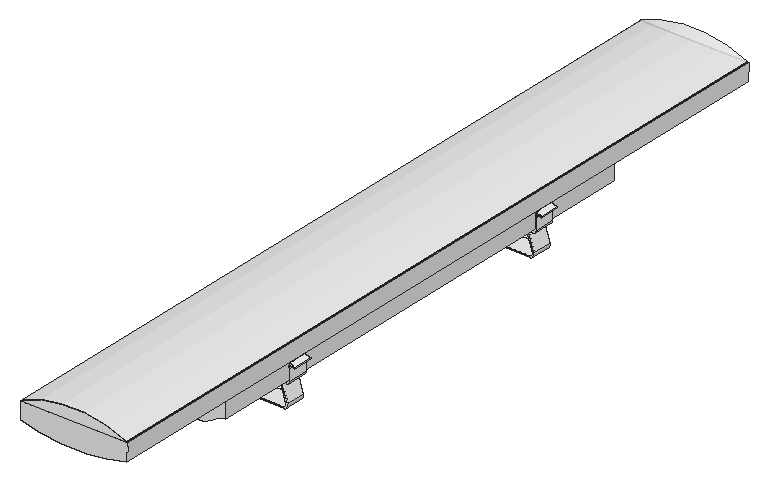
Revit family "Lighting-Industrial-GEWISS-SMART[3]e-WATERTIGHT-LED_TRANSPARENT_800mm", category Apparecchi per illuminazione, host Superficie, Revit 2019
Family settings
  Host = Superficie
  Quota connettore circolare = Usa diametro
  Tipo di parte = Normale
  Taglio con vuoti quando caricato = No
  Sorgente d'illuminazione = No
  Condiviso = No
  Punto di calcolo locali = Sì
Parameters (values of type "GWS3120ET840 - SMART3e 800 ON/OFF TRASP CRI80 4000K")
  Wiring : = "Stand alone"
  Wiring = "With GW connect watertight connector"
  Warranty = "5 years"
  Visibilita_etichetta [instance] = yes
  Version file RFA = "21.4"
  Unique digital code (Datamatrix) = "Datamatrix"
  Unified Glare Rating = "-"
  URL = "https://www.gewiss.com/ww/en"
  Type of light source = "LED - Not replaceable"
  Tilt- = "With fixing bracket"
  Technical sheet = "https://www.gewiss.com/ww/en/search?q=GWS3120ET840"
  Supply voltage = "220 - 240 V"
  Struttura = GEWISS - SMART 3 - GRIGIO
  Stocking temperature = "-25 +80 °C"
  Standards and approvals = "-"
  Standard- = "EN60598-1; IEC 62778; IEC62471"
  Standard Deviation Colour Matching = "SDCM = 3"
  Stampa 1_200 = no
  Stampa 1_100 = not(Stampa 1_200)  # yes
  Spostamento_Y_etichetta [instance] = 0 mm
  Spostamento_Y_effettivo_etichetta [instance] = 1500 mm - Spostamento_Y_etichetta  # 1500 mm
  Spostamento_X_etichetta [instance] = 0 mm
  Spostamento_X_effettivo_etichetta [instance] = 1500 mm - Spostamento_X_etichetta  # 1500 mm
  Shock resistance = "IK08"
  Shield type = "UV stabilised polycarbonate"
  Schermo- = Gewiss - Led Acceso
  Realized by GEWISS S.p.A. = ""
  Rated frequency (Hz) = "50/60 Hz"
  Default Elevation = 1219.2 mm
  Produttore = "GEWISS S.p.A."
  Photobiological Risk Class = "-"
  Overvoltage protection = "DM 1KV / CM 2KV"
  Optic and illuminating features = "-"
  Optic Maintenance = "Not available"
  Optic : = "Integrated in the screen"
  Optic = "Microprismatic transparent"
  Operating temperature : = "-25 +40 °C"
  Mouting and installation = "Ceiling - Wallmounting - Suspension"
  Modello = "GWS3120ET840"
  Maximum surface exposed to the wind : = "-"
  Materials = "-"
  Lunghezza Lampada = 800 mm  # constant formula
  Luminaire = "LED fixture for general lighting"
  Locking Hook = "-"
  Lifetime = "L80B20(Tq25°C)=90.000h - L80B20(Tq40°C)=50.000h"
  Lampada = "LED"
  LED Maintenance = "Not available"
  Insulation class = "II"
  Installationa and maintenance = "-"
  Immagine tipo = GWS3118T.jpg
  IPEA = "-"
  IP degree = "IP66/IP69"
  IFC.TypeObject = ""
  IFC.ExportType = ""
  IFC.ExportAs = ""
  IDT = "c3293776-8468-4c10-80f9-a1d96cfe439a"
  IDF = "9b64390c-d4e5-4bd6-a395-830a1a5c6723"
  Glow Wire Test : = "850 °C"
  General information = "-"
  Gasket = "CNC deposited sealant"
  Ganci = GEWISS  - ALLUMINIO
  Fixing = "Stainless steel support"
  External screw = "-"
  Eletrical and lighting features = "-"
  EAN code = ""
  Driver failure rate = "F10 = 90.000 h a Tq 25°C/F10= 50.000 h a Tq 40°C"
  Driver Box = "Built-in"
  Driver = "Included"
  Device with reduced surface temperature = "Yes"
  Descrizione = "SMART3e 800 ON/OFF TRASP CRI80 4000K"
  DIN 18032-3 certification = "Not available"
  Control System : = "ON / OFF"
  Control System = "Stand Alone - On / Off"
  Context = "Lighting of warehouses, indoor parking and industrial production rooms"
  Colour : = "RAL7035 colored PC paste"
  Colour = "Grey RAL 7035"
  Color Rendering Index = "CRI>80"
  Classification: = "-"
  Catalogue = "LIGHTING"
  COBie.Tagnumber = ""
  COBie.CreatedOn = ""
  COBie.CreatebBy = ""
  COBie.ComponentRegisterItemID = ""
  COBie.Component.TagNumber = ""
  COBie.Component.Space = ""
  COBie.Component.SerialNumber = ""
  COBie.Component.InstallationDate = ""
  COBie.Component.Description = ""
  COBie.Component.BarCode = ""
  Body = "Polycarbonate"
  Application = "Internal"
Types (3, lengths in mm): name | Technical sheet | Modello | IDT | Descrizione
  (no name) | "https://www.gewiss.com/ww/en/search?q=GWS3120ET840" | "GWS3120ET840" | "c3293776-8468-4c10-80f9-a1d96cfe439a" | "SMART3e 800 ON/OFF TRASP CRI80 4000K"
  GWS3120ET840 - SMART3e 800 ON/OFF TRASP CRI80 4000K | "https://www.gewiss.com/ww/en/search?q=GWS3120ET840" | "GWS3120ET840" | "c3293776-8468-4c10-80f9-a1d96cfe439a" | "SMART3e 800 ON/OFF TRASP CRI80 4000K"
  GWS3120ET857 - SMART3e 800 ON/OFF TRASP CRI80 5700K | "https://www.gewiss.com/ww/en/search?q=GWS3120ET857" | "GWS3120ET857" | "9f002806-1f96-4eb4-b752-d88a4865da9e" | "SMART3e 800 ON/OFF TRASP CRI80 5700K"
Reference planes
  plane 1 "Centro (Fronte/Retro)": y = 0
  plane 2: z = 0
  plane 3 "Centro (Sinistra/Destra)": x = 0
  plane 4: x = -1500
  plane 5: y = -1500
  plane 6: x = 0
  plane 7: y = 0
Forms (mm)
  Extrusion 1, solid, material "GEWISS  - ALLUMINIO" <- "Ganci", detail levels medium+fine
    sketch origin (0, 0, 0) x (1, 0, 0) y (0, 0, 1)
      loop
        arc (31.431, -0.002) -> (34.576, 1.589) -> (35.156, 5.066) r 3.903
        line (35.156, 5.066) -> (29.612, 23.211)
        arc (29.612, 23.211) -> (29.883, 24.381) -> (31.032, 24.73) r 1.2
        line (31.032, 24.73) -> (34.307, 23.974)
        arc (34.307, 23.974) -> (36.765, 24.53) -> (37.859, 26.8) r 2.9
        line (37.859, 26.8) -> (37.859, 38.8)
        arc (37.859, 38.8) -> (37.648, 39.694) -> (37.059, 40.4) r 2
        line (37.059, 40.4) -> (37.059, 42.71) -> (42.861, 40.598) -> (43.203, 41.538) -> (37.53, 43.603)
        arc (37.53, 43.603) -> (37.019, 43.613) -> (36.605, 43.311) r 0.8
        line (36.605, 43.311) -> (36.306, 26.139)
        arc (36.306, 26.139) -> (35.6, 25.444) -> (34.616, 25.34) r 1.5
        line (34.616, 25.34) -> (31.344, 26.095)
        arc (31.344, 26.095) -> (28.858, 25.335) -> (28.273, 22.802) r 2.6
        line (28.273, 22.802) -> (33.827, 4.636)
        arc (33.827, 4.636) -> (33.449, 2.415) -> (31.438, 1.4) r 2.5
        line (31.438, 1.4) -> (-31.437, 1.4)
        arc (-31.437, 1.4) -> (-33.449, 2.415) -> (-33.827, 4.636) r 2.5
        line (-33.827, 4.636) -> (-28.273, 22.802)
        arc (-28.273, 22.802) -> (-28.858, 25.335) -> (-31.344, 26.095) r 2.6
        line (-31.344, 26.095) -> (-34.616, 25.34)
        arc (-34.616, 25.34) -> (-35.6, 25.444) -> (-36.306, 26.139) r 1.5
        line (-36.306, 26.139) -> (-36.605, 43.311)
        arc (-36.605, 43.311) -> (-37.019, 43.613) -> (-37.53, 43.603) r 0.8
        line (-37.53, 43.603) -> (-43.203, 41.538) -> (-42.861, 40.598) -> (-37.059, 42.71) -> (-37.059, 40.4)
        arc (-37.059, 40.4) -> (-37.648, 39.694) -> (-37.859, 38.8) r 2
        line (-37.859, 38.8) -> (-37.859, 26.8)
        arc (-37.859, 26.8) -> (-36.765, 24.53) -> (-34.307, 23.974) r 2.9
        line (-34.307, 23.974) -> (-31.032, 24.73)
        arc (-31.032, 24.73) -> (-29.883, 24.381) -> (-29.612, 23.211) r 1.2
        line (-29.612, 23.211) -> (-35.156, 5.066)
        arc (-35.156, 5.066) -> (-34.576, 1.589) -> (-31.431, -0.002) r 3.903
        line (-31.431, -0.002) -> (31.431, -0.002)
    from 148.766 to 168.766
  Extrusion 2, solid, material "GEWISS  - ALLUMINIO" <- "Ganci", detail levels medium+fine
    sketch origin (0, 0, 0) x (1, 0, 0) y (0, 0, -1)
      loop
        line (31.431, 0.002) -> (-31.431, 0.002)
        arc (-31.431, 0.002) -> (-34.576, -1.589) -> (-35.156, -5.066) r 3.903
        line (-35.156, -5.066) -> (-29.612, -23.211)
        arc (-29.612, -23.211) -> (-29.883, -24.381) -> (-31.032, -24.73) r 1.2
        line (-31.032, -24.73) -> (-34.307, -23.974)
        arc (-34.307, -23.974) -> (-36.765, -24.53) -> (-37.859, -26.8) r 2.9
        line (-37.859, -26.8) -> (-37.859, -38.8)
        arc (-37.859, -38.8) -> (-37.648, -39.694) -> (-37.059, -40.4) r 2
        line (-37.059, -40.4) -> (-37.059, -42.71) -> (-42.861, -40.598) -> (-43.203, -41.538) -> (-37.53, -43.603)
        arc (-37.53, -43.603) -> (-37.019, -43.613) -> (-36.605, -43.311) r 0.8
        line (-36.605, -43.311) -> (-36.306, -26.139)
        arc (-36.306, -26.139) -> (-35.6, -25.444) -> (-34.616, -25.34) r 1.5
        line (-34.616, -25.34) -> (-31.344, -26.095)
        arc (-31.344, -26.095) -> (-28.858, -25.335) -> (-28.273, -22.802) r 2.6
        line (-28.273, -22.802) -> (-33.827, -4.636)
        arc (-33.827, -4.636) -> (-33.449, -2.415) -> (-31.437, -1.4) r 2.5
        line (-31.437, -1.4) -> (31.438, -1.4)
        arc (31.438, -1.4) -> (33.449, -2.415) -> (33.827, -4.636) r 2.5
        line (33.827, -4.636) -> (28.273, -22.802)
        arc (28.273, -22.802) -> (28.858, -25.335) -> (31.344, -26.095) r 2.6
        line (31.344, -26.095) -> (34.616, -25.34)
        arc (34.616, -25.34) -> (35.6, -25.444) -> (36.306, -26.139) r 1.5
        line (36.306, -26.139) -> (36.605, -43.311)
        arc (36.605, -43.311) -> (37.019, -43.613) -> (37.53, -43.603) r 0.8
        line (37.53, -43.603) -> (43.203, -41.538) -> (42.861, -40.598) -> (37.059, -42.71) -> (37.059, -40.4)
        arc (37.059, -40.4) -> (37.648, -39.694) -> (37.859, -38.8) r 2
        line (37.859, -38.8) -> (37.859, -26.8)
        arc (37.859, -26.8) -> (36.765, -24.53) -> (34.307, -23.974) r 2.9
        line (34.307, -23.974) -> (31.032, -24.73)
        arc (31.032, -24.73) -> (29.883, -24.381) -> (29.612, -23.211) r 1.2
        line (29.612, -23.211) -> (35.156, -5.066)
        arc (35.156, -5.066) -> (34.576, -1.589) -> (31.431, 0.002) r 3.903
    from 148.766 to 168.766
  Extrusion 3, solid, material "GEWISS - SMART 3 - GRIGIO" <- "Struttura", detail levels medium+fine
    sketch origin (0, 0, 0) x (1, 0, 0) y (0, 0, 1)
      loop
        line (-36.331, 55.757) -> (-35.847, 28.018)
        arc (-35.847, 28.018) -> (-33.139, 27.27) -> (-30.416, 26.58) r 129.5
        arc (-30.416, 26.58) -> (-28.066, 25.76) -> (-25.915, 24.506) r 13
        arc (-25.915, 24.506) -> (-24.23, 23.324) -> (-22.521, 22.178) r 99.5
        arc (-22.521, 22.178) -> (-16.401, 19.063) -> (-9.748, 17.365) r 31.146
        line (-9.748, 17.365) -> (12.491, 17.365)
        arc (12.491, 17.365) -> (17.822, 19.098) -> (22.764, 21.745) r 31.646
        arc (22.764, 21.745) -> (24.509, 22.915) -> (26.228, 24.122) r 100
        arc (26.228, 24.122) -> (28.283, 25.313) -> (30.525, 26.095) r 12.5
        arc (30.525, 26.095) -> (33.437, 26.834) -> (36.332, 27.64) r 130
        line (36.332, 27.64) -> (36.824, 55.851)
        arc (36.824, 55.851) -> (24.914, 53.937) -> (12.909, 52.764) r 195.047
        line (12.909, 52.764) -> (-12.909, 52.764)
        arc (-12.909, 52.764) -> (-24.665, 53.905) -> (-36.331, 55.757) r 195.047
    from -250 to 250
  Extrusion 4, solid, material "GEWISS - SMART 3 - GRIGIO" <- "Struttura", detail levels medium+fine
    sketch origin (0, 0, 0) x (1, 0, 0) y (0, 0, 1)
      loop
        line (54.725, 60.184) -> (55.177, 77.445) -> (-55.177, 77.445) -> (-54.725, 60.184)
        arc (-54.725, 60.184) -> (-34.019, 55.332) -> (-12.909, 52.764) r 195.047
        line (-12.909, 52.764) -> (12.909, 52.764)
        arc (12.909, 52.764) -> (34.019, 55.332) -> (54.725, 60.184) r 195.047
    from -400 to 400
  Extrusion 5, solid, material "Gewiss - Led Acceso" <- "Schermo-", detail levels medium+fine
    sketch origin (0, 0, 0) x (1, 0, 0) y (0, 0, 1)
      loop
        arc (54.697, 78.441) -> (-0.014, 90.457) -> (-54.723, 78.429) r 130.5
        arc (-54.723, 78.429) -> (-54.988, 77.838) -> (-54.5, 77.445) r 0.5
        line (-54.5, 77.445) -> (54.479, 77.445)
        arc (54.479, 77.445) -> (54.988, 77.855) -> (54.697, 78.441) r 0.522
    from -400 to 400
  Extrusion 6, solid, material "GEWISS - SMART 3 - GRIGIO" <- "Struttura", detail levels coarse
    sketch origin (0, 0, 0) x (1, 0, 0) y (0, 0, 1)
      loop
        line (-54.5, 90.439) -> (-54.5, 0) -> (54.5, 0) -> (54.5, 90.439) -> (-54.5, 90.439)
    from -400 to 400
Lines and regions (mm)
  Masking region 1
    outline origin (0, 0, 0) x (1, 0, 0) y (0, 1, 0)
      loop
        line (-55.177, 400) -> (-55.177, -400) -> (55.177, -400) -> (55.177, 400) -> (-55.177, 400)
  model lines, style "GEWISS - LIGHT 2D", not visible
    curve 1: arc (658.224, 441.447, 0) -> (657.902, 441.529, 0) -> (657.571, 441.558, 0) r 1.999
    curve 2: arc (659.744, 439.503, 0) -> (659.172, 440.906, 0) -> (657.781, 441.505, 0) r 1.998
    curve 3: arc (549.391, -356.494, 0) -> (549.963, -357.897, 0) -> (551.356, -358.495, 0) r 1.998
    curve 4: arc (657.744, -358.495, 0) -> (659.181, -357.627, 0) -> (659.745, -356.046, 0) r 2.5
    curve 5: arc (551.891, 441.558, 0) -> (550.123, 440.825, 0) -> (549.391, 439.058, 0) r 2.5
    curve 6: line (657.571, 441.558, 0) -> (604.567, 441.558, 0)
    curve 7: line (604.567, 441.558, 0) -> (551.891, 441.558, 0)
    curve 8: line (551.356, -358.495, 0) -> (604.568, -358.495, 0)
    curve 9: line (604.568, -358.495, 0) -> (657.744, -358.495, 0)
    curve 10: line (659.745, -356.046, 0) -> (659.745, 439.503, 0)
    curve 11: line (657.781, 441.505, 0) -> (604.567, 441.505, 0)
    curve 12: line (549.391, -356.494, 0) -> (549.391, 439.058, 0)
    curve 13: line (604.569, 276.529, 0) -> (604.569, -193.52, 0)
  symbolic lines, style "GEWISS - LIGHT 2D"
    curve 14: line (0, 328.766, 0) -> (0, -304.8, 0)
Dimensions and locks
  plane 4 to plane 3 "Centro (Sinistra/Destra)" = 1500 mm
  "Spostamento_X_effettivo_etichetta": plane 4 to plane 6
  "Spostamento_Y_effettivo_etichetta": plane 7 to plane 5
  plane 1 "Centro (Fronte/Retro)" to plane 5 = 1500 mm
  aligned and locked: plane 2 to host face
  aligned and locked: level to host face
  aligned and locked: plane 6 to nested 1
  aligned and locked: nested 1 to plane 7
  aligned and locked: Masking region 1 sketch curve to Extrusion 4  (x4)
  aligned and locked: curve 14 to plane 6
Automatic sketch dimensions
  host sketch curve to host sketch curve = 2438.4 mm  (x2)
  Extrusion 1 sketch curve to Extrusion 1 sketch curve = 0 mm  (x28)
  Extrusion 1 sketch curve to plane 3 "Centro (Sinistra/Destra)" = 43.203 mm
  level to Extrusion 1 sketch curve = 40.598 mm
  Extrusion 1 sketch curve to Extrusion 1 sketch curve = 0.342 mm  (x2)
  Extrusion 1 sketch curve to Extrusion 1 sketch curve = 5.002 mm  (x2)
  Extrusion 1 sketch curve to Extrusion 1 sketch curve = 0.329 mm
  Extrusion 1 sketch curve to Extrusion 1 sketch curve = 0.271 mm  (x2)
  Extrusion 1 sketch curve to Extrusion 1 sketch curve = 0.8 mm  (x2)
  Extrusion 1 sketch curve to Extrusion 1 sketch curve = 0.454 mm  (x2)
  Extrusion 1 sketch curve to Extrusion 1 sketch curve = 1.554 mm
  Extrusion 1 sketch curve to Extrusion 1 sketch curve = 2 mm
  level to Extrusion 1 sketch curve = 5.066 mm  (x2)
  Extrusion 1 sketch curve to Extrusion 1 sketch curve = 1.15 mm
  Extrusion 1 sketch curve to Extrusion 1 sketch curve = 1.346 mm  (x2)
  Extrusion 1 sketch curve to Extrusion 1 sketch curve = 0.343 mm  (x2)
  level to Extrusion 1 sketch curve = 4.636 mm  (x2)
  Extrusion 1 sketch curve to Extrusion 1 sketch curve = 1.329 mm  (x2)
  level to Extrusion 1 sketch curve = 1.4 mm
  Extrusion 1 sketch curve to Extrusion 1 sketch curve = 2.389 mm  (x2)
  Extrusion 1 sketch curve to Extrusion 1 sketch curve = 0.007 mm  (x2)
  Extrusion 1 sketch curve to Extrusion 1 sketch curve = 3.584 mm  (x2)
  Extrusion 1 sketch curve to Extrusion 1 sketch curve = 0.273 mm  (x2)
  plane 3 "Centro (Sinistra/Destra)" to Extrusion 1 sketch curve = 30.759 mm
  Extrusion 1 sketch curve to level = 0.002 mm
  Extrusion 1 sketch curve to Extrusion 1 sketch curve = 0.672 mm
  Extrusion 1 sketch curve to Extrusion 1 sketch curve = 0.9 mm
  level to Extrusion 1 sketch curve = 26.139 mm
  Extrusion 1 sketch curve to Extrusion 1 sketch curve = 0.746 mm
  Extrusion 1 sketch curve to Extrusion 1 sketch curve = 0.2 mm
  Extrusion 1 sketch curve to Extrusion 1 sketch curve = 2.577 mm
  Extrusion 1 sketch curve to Extrusion 1 sketch curve = 18.496 mm
  Extrusion 1 sketch curve to Extrusion 1 sketch curve = 1.169 mm  (x2)
  Extrusion 1 sketch curve to Extrusion 1 sketch curve = 0.799 mm  (x2)
  Extrusion 1 sketch curve to Extrusion 1 sketch curve = 0.609 mm
  Extrusion 1 sketch curve to Extrusion 1 sketch curve = 1.798 mm  (x2)
  Extrusion 1 sketch curve to Extrusion 1 sketch curve = 12 mm
  Extrusion 1 sketch curve to Extrusion 1 sketch curve = 0.94 mm  (x2)
  Extrusion 1 sketch curve to Extrusion 1 sketch curve = 0.14 mm  (x2)
  Extrusion 1 sketch curve to Extrusion 1 sketch curve = 0.309 mm  (x2)
  Extrusion 1 sketch curve to Extrusion 1 sketch curve = 0.312 mm  (x2)
  Extrusion 1 sketch curve to Extrusion 1 sketch curve = 1.148 mm  (x2)
  Extrusion 1 sketch curve to Extrusion 1 sketch curve = 1.339 mm
  Extrusion 1 sketch curve to Extrusion 1 sketch curve = 2.486 mm
  Extrusion 1 sketch curve to Extrusion 1 sketch curve = 0.409 mm  (x2)
  Extrusion 2 sketch curve to Extrusion 2 sketch curve = 0 mm  (x28)
  Extrusion 2 sketch curve to plane 3 "Centro (Sinistra/Destra)" = 43.203 mm
  level to Extrusion 2 sketch curve = 40.598 mm
  Extrusion 2 sketch curve to Extrusion 2 sketch curve = 0.342 mm  (x2)
  Extrusion 2 sketch curve to Extrusion 2 sketch curve = 5.002 mm  (x2)
  Extrusion 2 sketch curve to Extrusion 2 sketch curve = 0.329 mm
  Extrusion 2 sketch curve to Extrusion 2 sketch curve = 0.271 mm  (x2)
  Extrusion 2 sketch curve to Extrusion 2 sketch curve = 0.8 mm  (x2)
  Extrusion 2 sketch curve to Extrusion 2 sketch curve = 0.454 mm  (x2)
  Extrusion 2 sketch curve to Extrusion 2 sketch curve = 1.554 mm
  Extrusion 2 sketch curve to Extrusion 2 sketch curve = 2 mm
  level to Extrusion 2 sketch curve = 5.066 mm  (x2)
  Extrusion 2 sketch curve to Extrusion 2 sketch curve = 1.15 mm
  Extrusion 2 sketch curve to Extrusion 2 sketch curve = 1.346 mm  (x2)
  Extrusion 2 sketch curve to Extrusion 2 sketch curve = 0.343 mm  (x2)
  level to Extrusion 2 sketch curve = 4.636 mm  (x2)
  Extrusion 2 sketch curve to Extrusion 2 sketch curve = 1.329 mm  (x2)
  level to Extrusion 2 sketch curve = 1.4 mm
  Extrusion 2 sketch curve to Extrusion 2 sketch curve = 2.389 mm  (x2)
  Extrusion 2 sketch curve to Extrusion 2 sketch curve = 0.007 mm  (x2)
  Extrusion 2 sketch curve to Extrusion 2 sketch curve = 3.584 mm  (x2)
  Extrusion 2 sketch curve to Extrusion 2 sketch curve = 0.273 mm  (x2)
  plane 3 "Centro (Sinistra/Destra)" to Extrusion 2 sketch curve = 30.759 mm
  Extrusion 2 sketch curve to level = 0.002 mm
  Extrusion 2 sketch curve to Extrusion 2 sketch curve = 0.672 mm
  Extrusion 2 sketch curve to Extrusion 2 sketch curve = 0.9 mm
  level to Extrusion 2 sketch curve = 26.139 mm
  Extrusion 2 sketch curve to Extrusion 2 sketch curve = 0.746 mm
  Extrusion 2 sketch curve to Extrusion 2 sketch curve = 0.2 mm
  Extrusion 2 sketch curve to Extrusion 2 sketch curve = 14.46 mm
  Extrusion 2 sketch curve to Extrusion 2 sketch curve = 0.94 mm  (x2)
  Extrusion 2 sketch curve to Extrusion 2 sketch curve = 0.14 mm  (x2)
  Extrusion 2 sketch curve to Extrusion 2 sketch curve = 2.31 mm  (x2)
  Extrusion 2 sketch curve to Extrusion 2 sketch curve = 12 mm
  Extrusion 2 sketch curve to Extrusion 2 sketch curve = 0.661 mm  (x2)
  Extrusion 2 sketch curve to Extrusion 2 sketch curve = 0.609 mm  (x2)
  Extrusion 2 sketch curve to Extrusion 2 sketch curve = 1.169 mm  (x2)
  Extrusion 2 sketch curve to Extrusion 2 sketch curve = 0.309 mm  (x2)
  Extrusion 2 sketch curve to Extrusion 2 sketch curve = 0.312 mm  (x2)
  Extrusion 2 sketch curve to Extrusion 2 sketch curve = 1.148 mm  (x2)
  Extrusion 2 sketch curve to Extrusion 2 sketch curve = 1.339 mm
  Extrusion 2 sketch curve to Extrusion 2 sketch curve = 2.486 mm
  Extrusion 2 sketch curve to Extrusion 2 sketch curve = 1.365 mm  (x2)
  Extrusion 3 sketch curve to plane 3 "Centro (Sinistra/Destra)" = 36.331 mm
  Extrusion 3 sketch curve to Extrusion 3 sketch curve = 0.484 mm
  Extrusion 3 sketch curve to Extrusion 3 sketch curve = 2.34 mm
  Extrusion 3 sketch curve to plane 3 "Centro (Sinistra/Destra)" = 32.068 mm
  Extrusion 3 sketch curve to plane 3 "Centro (Sinistra/Destra)" = 12.909 mm
  Extrusion 3 sketch curve to plane 3 "Centro (Sinistra/Destra)" = 9.748 mm
  Extrusion 3 sketch curve to plane 3 "Centro (Sinistra/Destra)" = 5.421 mm
  Extrusion 3 sketch curve to plane 3 "Centro (Sinistra/Destra)" = 0.057 mm
  Extrusion 3 sketch curve to plane 3 "Centro (Sinistra/Destra)" = 0.007 mm
  Extrusion 3 sketch curve to plane 3 "Centro (Sinistra/Destra)" = 0.001 mm
  plane 3 "Centro (Sinistra/Destra)" to Extrusion 3 sketch curve = 0.057 mm
  plane 3 "Centro (Sinistra/Destra)" to Extrusion 3 sketch curve = 5.412 mm
  plane 3 "Centro (Sinistra/Destra)" to Extrusion 3 sketch curve = 12.491 mm
  Extrusion 3 sketch curve to Extrusion 3 sketch curve = 7.496 mm
  plane 3 "Centro (Sinistra/Destra)" to Extrusion 3 sketch curve = 32.059 mm
  Extrusion 3 sketch curve to Extrusion 3 sketch curve = 21.008 mm
  Extrusion 3 sketch curve to Extrusion 3 sketch curve = 2.833 mm
  Extrusion 3 sketch curve to Extrusion 3 sketch curve = 23.916 mm
  level to Extrusion 3 sketch curve = 13.953 mm  (x2)
  level to Extrusion 3 sketch curve = 17.365 mm  (x2)
  Extrusion 3 sketch curve to Extrusion 3 sketch curve = 13.687 mm
  Extrusion 3 sketch curve to Extrusion 3 sketch curve = 14.064 mm
  Extrusion 3 sketch curve to Extrusion 3 sketch curve = 30.844 mm
  Extrusion 3 sketch curve to Extrusion 3 sketch curve = 0 mm  (x3)
  Extrusion 3 sketch curve to Extrusion 3 sketch curve = 4.555 mm
  Extrusion 3 sketch curve to Extrusion 3 sketch curve = 2.993 mm
  Extrusion 3 sketch curve to Extrusion 3 sketch curve = 3.087 mm
  Extrusion 3 sketch curve to Extrusion 3 sketch curve = 49.52 mm
  Extrusion 3 sketch curve to Extrusion 3 sketch curve = 49.615 mm
  Extrusion 3 sketch curve to Extrusion 3 sketch curve = 47.089 mm
  Extrusion 3 sketch curve to Extrusion 3 sketch curve = 5.431 mm
  Extrusion 3 sketch curve to Extrusion 3 sketch curve = 4.5 mm
  Extrusion 3 sketch curve to Extrusion 3 sketch curve = 10.273 mm
  Extrusion 3 sketch curve to Extrusion 3 sketch curve = 3.465 mm
  Extrusion 3 sketch curve to Extrusion 3 sketch curve = 4.297 mm
  Extrusion 4 sketch curve to plane 3 "Centro (Sinistra/Destra)" = 55.177 mm
  Extrusion 4 sketch curve to Extrusion 4 sketch curve = 0.452 mm  (x2)
  Extrusion 4 sketch curve to plane 3 "Centro (Sinistra/Destra)" = 12.909 mm
  Extrusion 4 sketch curve to plane 3 "Centro (Sinistra/Destra)" = 0.057 mm
  plane 3 "Centro (Sinistra/Destra)" to Extrusion 4 sketch curve = 0.057 mm
  plane 3 "Centro (Sinistra/Destra)" to Extrusion 4 sketch curve = 12.909 mm
  Extrusion 4 sketch curve to Extrusion 4 sketch curve = 41.816 mm
  level to Extrusion 4 sketch curve = 52.764 mm
  Extrusion 4 sketch curve to Extrusion 4 sketch curve = 7.42 mm  (x2)
  Extrusion 4 sketch curve to Extrusion 4 sketch curve = 17.262 mm
  Extrusion 5 sketch curve to plane 3 "Centro (Sinistra/Destra)" = 0 mm
  Extrusion 5 sketch curve to plane 3 "Centro (Sinistra/Destra)" = 54.5 mm
  plane 3 "Centro (Sinistra/Destra)" to Extrusion 5 sketch curve = 54.479 mm
  Extrusion 5 sketch curve to level = 40.043 mm
  level to Extrusion 5 sketch curve = 77.445 mm
  Extrusion 5 sketch curve to Extrusion 5 sketch curve = 0.5 mm
  Extrusion 5 sketch curve to Extrusion 5 sketch curve = 0.522 mm
  Extrusion 5 sketch curve to Extrusion 5 sketch curve = 0.21 mm
  Extrusion 5 sketch curve to Extrusion 5 sketch curve = 0.014 mm
  Extrusion 5 sketch curve to Extrusion 5 sketch curve = 0 mm
  Extrusion 6 sketch curve to level = 0 mm
  Extrusion 6 sketch curve to plane 3 "Centro (Sinistra/Destra)" = 54.5 mm
  plane 3 "Centro (Sinistra/Destra)" to Extrusion 6 sketch curve = 54.5 mm
  Extrusion 6 sketch curve to Extrusion 6 sketch curve = 90.439 mm
  plane 1 "Centro (Fronte/Retro)" to curve 14 = 304.8 mm
  curve 14 to plane 1 "Centro (Fronte/Retro)" = 328.766 mm
Nested families
  nested 1: "ETICHETTA WATTAGGIO" at (0, 0, 0), visible <- "Visibilita_etichetta", type "ETICHETTA WATTAGGIO"
Definition of nested family "ETICHETTA WATTAGGIO"
  Parameters (values of type "ETICHETTA WATTAGGIO")
    GW - Potenza di sistema = ""
    GW - Numero LED = ""
    COMMENTI = "13W"
    1_200 = no
    1_100 = yes
  Reference planes
    plane 1: y = 0
    plane 2: x = 0
  Text (mm)
    label "GW - Potenza di sistema\nGW - Numero LED LED" at (-0.057, -0.214, 0), shows "GW - Potenza di sistema", "GW - Numero LED", visible <- "1_100"
    label "GW - Potenza di sistema\nGW - Numero LED LED " at (-0.057, -0.214, 0), shows "GW - Potenza di sistema", "GW - Numero LED", visible <- "1_200"
